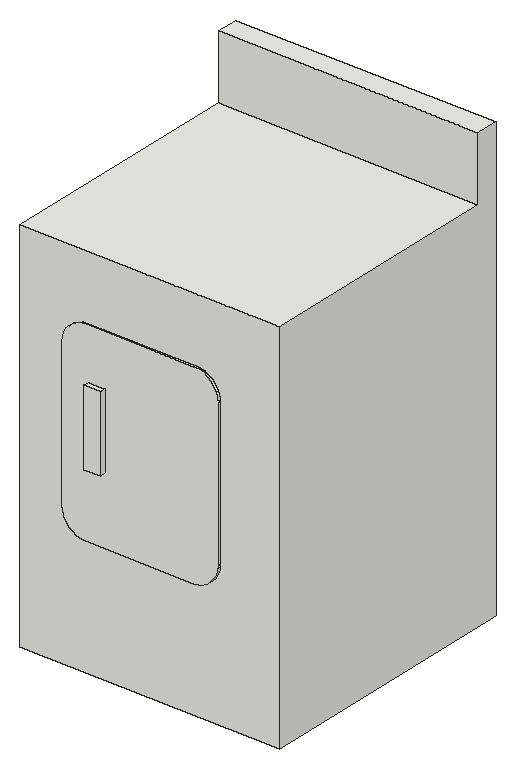
Revit family "Dryer", category Specialty Equipment, Revit 2027
Family settings
  Round Connector Dimension = Use Diameter
  Part Type = Normal
  Work Plane-Based = No
  Enable Cutting in Views = No
  Always vertical = Yes
  Cut with Voids When Loaded = No
  Maintain Annotation Orientation = No
  Shared = Yes
  Room Calculation Point = No
Parameters (values of type "27" x 25" x 35"")
  Label = "D"
  Default Elevation = 0' - 0"
  Assembly Code = "E1090400"
  Depth = 2' - 1"
  Dryer Material = Metal - Paint Finish - Ivory, Glossy
  Height = 2' - 11"
  Width = 2' - 0"
Reference planes (in)
  plane 1: y = -0.11177
  plane 2: z = 0
  plane 3: x = 1.42077
  plane 4 "Top": z = 35
  plane 5: x = 25.42077
  plane 6: y = 24.88823
  plane 7: z = 38
  plane 8: x = 13.42077
  plane 9: y = -0.29927
Forms (in)
  Extrusion 1, solid, material "Metal - Paint Finish - Ivory, Glossy" <- "Dryer Material"
    sketch origin (-1.6311, 1.39809, 0) x (1, 0, 0) y (0, 1, 0)
      loop
        line (27.05187, 23.49014) -> (3.05187, 23.49014) -> (3.05187, -1.50986) -> (27.05187, -1.50986) -> (27.05187, 23.49014)
    from 0 to 35
  Extrusion 2, solid, material "Metal - Paint Finish - Ivory, Glossy" <- "Dryer Material"
    sketch origin (25.42077, -0.11177, 35) x (0, 0, -1) y (0, 1, 0)
      loop
        line (0, 25) -> (-6, 25) -> (-6, 23) -> (0, 23) -> (0, 25)
    from 0 to -24
  Extrusion 3, solid, material "Metal - Paint Finish - Ivory, Glossy" <- "Dryer Material"
    sketch origin (25.42077, 22.88823, 41) x (-1, 0, 0) y (0, 0, -1)
      loop
        arc (17.75, 11.95969) -> (19.34099, 12.6187) -> (20, 14.20969) r 2.25
        line (20, 14.20969) -> (20, 27.70969)
        arc (20, 27.70969) -> (19.34099, 29.30068) -> (17.75, 29.95969) r 2.25
        line (17.75, 29.95969) -> (7.75, 29.95969)
        arc (7.75, 29.95969) -> (6.15901, 29.30068) -> (5.5, 27.70969) r 2.25
        line (5.5, 27.70969) -> (5.5, 14.20969)
        arc (5.5, 14.20969) -> (6.15901, 12.6187) -> (7.75, 11.95969) r 2.25
        line (7.75, 11.95969) -> (17.75, 11.95969)
    from 23 to 23.1875
  Extrusion 4, solid, material "Metal - Paint Finish - Ivory, Glossy" <- "Dryer Material"
    sketch origin (25.42077, -0.29927, 41) x (-1, 0, 0) y (0, 0, -1)
      loop
        line (17.52456, 16.72579) -> (17.52456, 23.72579) -> (16.02456, 23.72579) -> (16.02456, 16.72579) -> (17.52456, 16.72579)
    from 0 to 0.5
  Extrusion 5, solid
    sketch origin (13.4252, 24.88189, 5.90551) x (0, 0, 1) y (1, 0, 0)
      loop
        circle (0, 0) r 1.9685
    from 0 to 0.98425
Cuts and joins
  joined: Extrusion 1, Extrusion 2
Lines and regions (in)
  Masking region 1
    outline origin (0, 0, 0) x (1, 0, 0) y (0, 1, 0)
      loop
        line (1.42077, 24.88823) -> (1.42077, -0.11177) -> (25.42077, -0.11177) -> (25.42077, 24.88823) -> (1.42077, 24.88823)
  model lines, detail levels medium+fine
    curve 1: line (18.17077, 16.88823, 35) -> (18.17077, 12.88823, 35)
    curve 2: line (18.17077, 16.88823, 35) -> (23.42077, 16.88823, 35)
    curve 3: line (23.42077, 16.88823, 35) -> (23.42077, 12.88823, 35)
    curve 4: line (18.17077, 12.88823, 35) -> (23.42077, 12.88823, 35)
    curve 5: arc (4.50773, 22.88823, 39) -> (3.50773, 22.88823, 38) -> (4.50773, 22.88823, 37) r 1
    curve 6: arc (4.50773, 22.88823, 37) -> (5.50773, 22.88823, 38) -> (4.50773, 22.88823, 39) r 1
    curve 7: arc (9.63821, 22.88823, 40) -> (7.63821, 22.88823, 38) -> (9.63821, 22.88823, 36) r 2
    curve 8: arc (9.63821, 22.88823, 36) -> (11.63821, 22.88823, 38) -> (9.63821, 22.88823, 40) r 2
    curve 9: arc (15.07963, 22.88823, 39.01201) -> (14.06761, 22.88823, 38) -> (15.07963, 22.88823, 36.98799) r 1.01201
    curve 10: arc (15.07963, 22.88823, 36.98799) -> (16.09164, 22.88823, 38) -> (15.07963, 22.88823, 39.01201) r 1.01201
  symbolic lines, style "SpecialityEquipment"
    curve 11: line (1.42077, 22.88823, 0) -> (25.42077, 22.88823, 0)
  symbolic lines
    curve 12: line (18.17077, 16.88823, 0) -> (18.17077, 12.88823, 0)
    curve 13: line (18.17077, 16.88823, 0) -> (23.42077, 16.88823, 0)
    curve 14: line (23.42077, 16.88823, 0) -> (23.42077, 12.88823, 0)
    curve 15: line (18.17077, 12.88823, 0) -> (23.42077, 12.88823, 0)
Dimensions and locks (in)
  "Width": plane 5 to plane 3
  "Depth": plane 6 to plane 1
  "Height": plane 2 to plane 4 "Top"
  equal spacing: Extrusion 2, plane 7, plane 4 "Top"
  equal spacing: plane 3, plane 8, plane 5
  locked: plane 1 to plane 9 at 0.1875
  equal spacing: plane 1, nested 1, cut or joined group of Extrusion 1, Extrusion 2
  aligned and locked: plane 6 to Extrusion 1 sketch curve
  aligned and locked: plane 5 to Extrusion 1 sketch curve  (x2)
  aligned and locked: plane 1 to Extrusion 1 sketch curve  (x3)
  aligned and locked: plane 3 to Extrusion 1 sketch curve  (x2)
  aligned and locked: Extrusion 1 to level
  aligned and locked: Extrusion 1 to plane 4 "Top"
  aligned and locked: Extrusion 2 sketch curve to Extrusion 1  (x2)
  aligned and locked: Extrusion 2 to plane 3
  aligned and locked: plane 8 to nested 1
  aligned and locked: curve 11 to cut or joined group of Extrusion 1, Extrusion 2
  aligned and locked: Masking region 1 sketch curve to plane 6
  aligned and locked: plane 3 to Masking region 1 sketch curve
  aligned and locked: Masking region 1 sketch curve to plane 5
  aligned and locked: Masking region 1 sketch curve to plane 1
  aligned and locked: curve 12 to curve 1
  aligned and locked: curve 13 to curve 2
  aligned and locked: curve 14 to curve 3
  aligned and locked: curve 15 to curve 4
Automatic sketch dimensions
  Extrusion 1 sketch curve to plane 6 = 0' - 0"
  plane 5 to Extrusion 1 sketch curve = 0' - 0"
  Extrusion 2 sketch curve to plane 4 "Top" = 0' - 6"
  Extrusion 2 sketch curve to plane 6 = 0' - 2"
  curve 7 to plane 7 = 0' - 0"
  curve 6 to plane 7 = 0' - 0"
  curve 9 to plane 7 = 0' - 0"
  plane 7 to curve 5 = 0' - 1"
  plane 7 to curve 10 = 0' - 1.01201"
  curve 7 to plane 4 "Top" = 0' - 1"
  plane 3 to curve 6 = 0' - 3.08697"
  curve 6 to curve 7 = 0' - 5.13048"
  curve 8 to curve 9 = 0' - 5 113/256"
  curve 11 to plane 3 = 0' - 0"
  plane 8 to curve 1 = 0' - 4 3/4"
  curve 3 to plane 5 = 0' - 2"
  curve 3 to plane 1 = 1' - 1"
  curve 1 to curve 1 = 0' - 4"
  Extrusion 3 sketch curve to plane 5 = 0' - 5 1/2"
  Extrusion 3 sketch curve to Extrusion 3 sketch curve = 0' - 2 1/4"  (x3)
  Extrusion 3 sketch curve to plane 8 = 0' - 5 3/4"  (x2)
  plane 4 "Top" to Extrusion 3 sketch curve = 0' - 5.95969"
  level to Extrusion 3 sketch curve = 1' - 1.29031"
  Extrusion 4 sketch curve to plane 8 = 0' - 4.02456"
  Extrusion 4 sketch curve to Extrusion 4 sketch curve = 0' - 1 1/2"
  plane 4 "Top" to Extrusion 4 sketch curve = 0' - 10.72579"
  Extrusion 4 sketch curve to Extrusion 4 sketch curve = 0' - 7"
  curve 11 to plane 5 = 0' - 0"
  Extrusion 5 sketch curve to Extrusion 5 sketch curve = 0' - 0"  (x2)
  plane 8 to Extrusion 5 sketch curve = 0' - 0.00443"
  level to Extrusion 5 sketch curve = 0' - 5.90551"
  Extrusion 5 sketch curve to Extrusion 5 sketch curve = 0' - 1.9685"
Nested families (in)
  nested 1: "Label Annotation 3-32" at (13.42077, 11.38823, 0), type "Label Annotation 3-32", detail levels medium+fine
Connectors (in)
  hvac at (13.4252, 25.86614, 5.90551)
    settings: on Extrusion 5, index 1, duct flow 150 CFM, flow factor 0, pres drop 0.00 in-wg, loss coef 0, conn angle 0.00°, conn width 12", conn height 12", conn diameter 4", duct sys type 3, conn prof type 0, flow config 1, flow direction 2, loss method 0, conn ref index -1, conn util no, is conn primary yes, conn desc ""
Definition of nested family "Label Annotation 3-32"
  Parameters
    Label = ""
  Reference planes (in)
    plane 1: y = 0
    plane 2: x = 0
  Text (in)
    label "Label" at (0.00375, -0.00345, 0), shows "Label"
